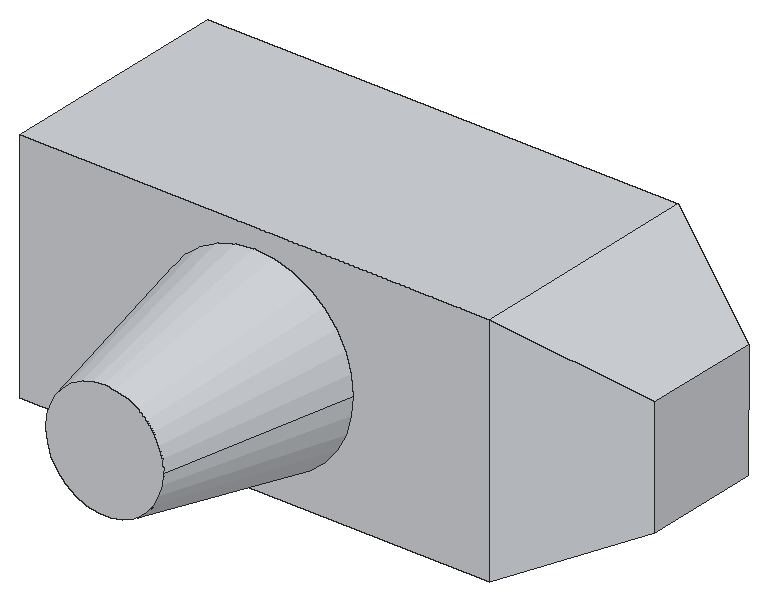
Revit family "3107be94beb9481cb2533f9319a46242", category Duct Fittings, Revit 2021
Family settings
  Round Connector Dimension = Use Radius
  Part Type = Tee
  OmniClass Number = 23.75.70.14
  OmniClass Title = Air Ductwork
  Seek Item ID = Rectangular to Round Tee with Transition -  Conical Tap-0000-USA-ENU
  Work Plane-Based = No
  Always vertical = Yes
  Cut with Voids When Loaded = No
  Shared = No
Parameters (values of type "Standard")
  Duct Width 2 [instance] = 6"
  Duct Width 1 [instance] = 12"
  Duct Radius 1 [instance] = 3"
  Duct Radius 2 [instance] = if(Duct Height 1 > Duct Length 1, (Duct Length 1 - 0' 2") / 2, (Duct Height 1 - 0' 2") / 2)  # 5"
  Duct Length 2 [instance] = Duct Width 2  # 6"
  Duct Length 3 [instance] = Duct Width 1 * 0.8  # 9.6"
  Duct Length 1 [instance] = Duct Width 1 * 2  # 24"
  Duct Height 2 [instance] = 6"
  Duct Height 1 [instance] = 12"
  Duct Diameter 1 [instance] = Duct Radius 1 * 2  # 6"
  Duct Diameter 2 [instance] = Duct Radius 2 * 2  # 10"
  Default Elevation = 0' - 0"
  Assembly Code = ""
Reference planes (in)
  plane 1 "Center (Front/Back)": y = 0
  plane 2: z = 0
  plane 3 "Center (Left/Right)": x = 0
  plane 4: y = 6
  plane 5: y = -6
  plane 6: x = -12
  plane 7: x = 12
  plane 8: z = 6
  plane 9: z = -6
  plane 10: y = -15.6
  plane 11: y = 6
  plane 12: y = -6
  plane 13: z = 6
  plane 14: z = -6
  plane 15: z = 6
  plane 16: z = -6
  plane 17: x = 18
  plane 18: z = 3
  plane 19: z = -3
  plane 20: y = 3
  plane 21: y = -3
  plane 22: z = 3
  plane 23: z = -3
  plane 24: y = 3
  plane 25: y = -3
  plane 26: z = 3
  plane 27: z = -3
  plane 28: y = 3
  plane 29: y = -3
Forms (in)
  Extrusion 1, solid, detail levels medium+fine
    sketch origin (0, 0, 0) x (1, 0, 0) y (0, 1, 0)
      loop
        line (-12, 6) -> (-12, -6) -> (12, -6) -> (12, 6) -> (-12, 6)
    from -6 to 6
  Blend 2, solid, detail levels medium+fine
    base sketch origin (0, 0, 0) x (1, 0, 0) y (0, 0, 1)
      loop
        circle (0, 0) r 5
    top sketch origin (0, 0, 0) x (1, 0, 0) y (0, 0, 1)
      loop
        circle (0, 0) r 3
    from 6 to 15.6
  Extrusion 3, solid, detail levels medium+fine
    sketch origin (0, 0, 0) x (1, 0, 0) y (0, 0, 1)
      loop
        circle (0, 0) r 0.5
    from 6 to 15.6
  Blend 4, solid, detail levels medium+fine
    base sketch origin (0, 0, 0) x (0, 1, 0) y (0, 0, 1)
      loop
        line (6, 6) -> (-6, 6) -> (-6, -6) -> (6, -6) -> (6, 6)
    top sketch origin (0, 0, 0) x (0, 1, 0) y (0, 0, 1)
      loop
        line (3, 3) -> (-3, 3) -> (-3, -3) -> (3, -3) -> (3, 3)
    from 12 to 18
  Extrusion 5, solid, detail levels medium+fine
    sketch origin (0, 0, 0) x (0, 1, 0) y (0, 0, 1)
      loop
        circle (0, 0) r 0.5
    from 12 to 18
Cuts and joins
  joined: Extrusion 1, Blend 2, Extrusion 3, Blend 4, Extrusion 5
Lines and regions (in)
  model lines, detail levels coarse
    curve 1: line (-12, 0, 0) -> (12, 0, 0)
    curve 2: line (0, 0, 0) -> (0, -15.6, 0)
    curve 3: line (12, 0, 0) -> (18, 0, 0)
Dimensions and locks (in)
  equal spacing: plane 4, plane 1 "Center (Front/Back)", plane 5
  "Duct Width 1": plane 4 to plane 5
  equal spacing: plane 6, plane 3 "Center (Left/Right)", plane 7
  "Duct Length 1": plane 6 to plane 7
  equal spacing: plane 8, plane 2, plane 9
  "Duct Height 1": plane 8 to plane 9
  "Duct Length 3": plane 5 to plane 10
  equal spacing: plane 11, plane 1 "Center (Front/Back)", plane 12
  equal spacing: plane 13, plane 2, plane 14
  equal spacing: plane 15, plane 2, plane 16
  "Duct Length 2": plane 7 to plane 17
  equal spacing: plane 18, plane 2, plane 19
  "Duct Height 2": plane 18 to plane 19
  equal spacing: plane 20, plane 1 "Center (Front/Back)", plane 21
  "Duct Width 2": plane 20 to plane 21
  equal spacing: plane 22, plane 2, plane 23
  equal spacing: plane 24, plane 1 "Center (Front/Back)", plane 25
  equal spacing: plane 26, plane 2, plane 27
  equal spacing: plane 28, plane 1 "Center (Front/Back)", plane 29
  "Duct Radius 2": radius of Blend 2 sketch curve
  "Duct Radius 1": radius of Blend 2 sketch curve
  radius of Extrusion 3 sketch curve = 0' - 0 1/2"
  radius of Extrusion 5 sketch curve = 0' - 0 1/2"
  aligned and locked: plane 6 to Extrusion 1 sketch curve
  aligned and locked: Extrusion 1 sketch curve to plane 4
  aligned and locked: plane 5 to Extrusion 1 sketch curve
  aligned and locked: Extrusion 1 sketch curve to plane 7
  aligned and locked: Extrusion 1 to plane 9
  aligned and locked: plane 8 to Extrusion 1
  aligned and locked: plane 2 to Blend 2 sketch curve  (x2)
  aligned and locked: plane 3 "Center (Left/Right)" to Blend 2 sketch curve  (x2)
  aligned and locked: Blend 2 to plane 10
  aligned and locked: plane 6 to curve 1
  aligned and locked: plane 1 "Center (Front/Back)" to curve 1
  aligned and locked: plane 10 to curve 2
  aligned and locked: curve 2 to plane 3 "Center (Left/Right)"
  aligned and locked: plane 2 to Extrusion 3 sketch curve
  aligned and locked: plane 3 "Center (Left/Right)" to Extrusion 3 sketch curve
  aligned and locked: Extrusion 3 to plane 10
  aligned and locked: plane 5 to Blend 4 sketch curve
  aligned and locked: Blend 4 sketch curve to plane 8
  aligned and locked: Blend 4 sketch curve to plane 4
  aligned and locked: plane 9 to Blend 4 sketch curve
  aligned and locked: plane 17 to Blend 4
  aligned and locked: Blend 4 to plane 7
  aligned and locked: plane 2 to Extrusion 5 sketch curve
  aligned and locked: plane 1 "Center (Front/Back)" to Extrusion 5 sketch curve
  aligned and locked: plane 17 to Extrusion 5
  aligned and locked: Extrusion 5 to plane 7
  aligned and locked: plane 17 to curve 3
  aligned and locked: plane 7 to curve 3
  aligned and locked: plane 1 "Center (Front/Back)" to curve 3
  aligned and locked: Blend 4 sketch curve to plane 18
  aligned and locked: plane 19 to Blend 4 sketch curve
  aligned and locked: Blend 4 sketch curve to plane 21
  aligned and locked: plane 20 to Blend 4 sketch curve
  aligned and locked: cut or joined group of Extrusion 1, Blend 2, Extrusion 3, Blend 4, Extrusion 5 to Extrusion 3
  aligned and locked: plane 5 to cut or joined group of Extrusion 1, Blend 2, Extrusion 3, Blend 4, Extrusion 5
Connectors (in)
  hvac at (-12, 0, 0), driven by "Duct Height 1", driven by "Duct Width 1"
    settings: on cut or joined group of Extrusion 1, Blend 2, Extrusion 3, Blend 4, Extrusion 5, index 1, duct flow 0 CFM, flow factor 0, pres drop 0.00 in-wg, loss coef 0, conn angle 0.00°, conn width 12", conn height 12", conn diameter 24", duct sys type 28, conn prof type 1, flow config 0, flow direction 0, loss method 0, conn ref index 2, conn util no, is conn primary yes, conn desc ""
  hvac at (18, 0, 0), driven by "Duct Height 2", driven by "Duct Width 2"
    settings: on Extrusion 5, index 2, duct flow 0 CFM, flow factor 0, pres drop 0.00 in-wg, loss coef 0, conn angle 0.00°, conn width 6", conn height 6", conn diameter 24", duct sys type 28, conn prof type 1, flow config 0, flow direction 0, loss method 0, conn ref index 1, conn util no, is conn primary no, conn desc ""
  hvac at (0, -15.6, 0), driven by "Duct Radius 1"
    settings: on cut or joined group of Extrusion 1, Blend 2, Extrusion 3, Blend 4, Extrusion 5, index 3, duct flow 0 CFM, flow factor 0, pres drop 0.00 in-wg, loss coef 0, conn angle 0.00°, conn width 12", conn height 12", conn diameter 6", duct sys type 28, conn prof type 0, flow config 0, flow direction 0, loss method 0, conn ref index -1, conn util no, is conn primary no, conn desc ""
